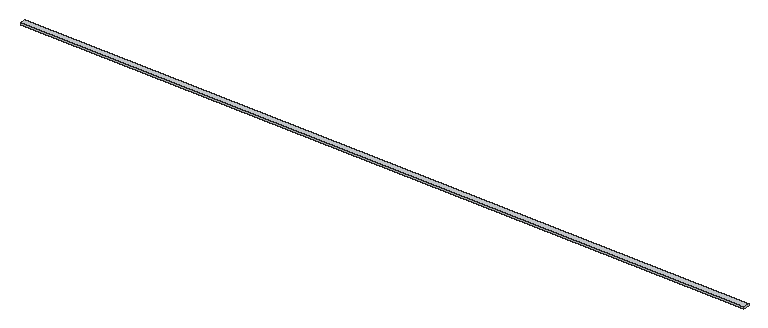
Revit family "Lighting-Strip-Acclaim-Flex Eco Interior", category Lighting Fixtures, host Face, Revit 2015
Parameters
  Width = 0.40"
  Wattage = 9.2903 W
  built-in parameter 1150110 = 1 (stored number, unit not read)
  Voltage = 0 V
  URL = "http://www.acclaimlighting.com/"
  built-in parameter 1114217 = 1 (stored number, unit not read)
  Tilt Angle = -90.00°
  built-in parameter 1150109 = 1 (stored number, unit not read)
  built-in parameter 1150134 = 3
  built-in parameter 1150113 = 1 (stored number, unit not read)
  Power Factor = 1
  Photometric Web File = "generic"
  Number of Poles = 1
  built-in parameter 1150142 = (empty or 0)
  Model = "Flex Eco Interior"
  Manufacturer = "Acclaim Lighting"
  built-in parameter 1150105 = 109.82 (stored number, unit not read)
  Lumens = 1380 lm
  built-in parameter 1150115 = 1 (stored number, unit not read)
  built-in parameter 1150137 = (empty or 0)
  built-in parameter 1150139 = (empty or 0)
  Length [instance] = 48.00"
  built-in parameter 1150112 = 1 (stored number, unit not read)
  built-in parameter 1150114 = 1 (stored number, unit not read)
  Lamp = "LED"
  built-in parameter 1150132 = (empty or 0)
  built-in parameter 1150102 = (empty or 0)
  built-in parameter 1150107 = 3200 (stored number, unit not read)
  built-in parameter 1150138 = (empty or 0)
  built-in parameter 1150106 = 1.0982 (stored number, unit not read)
  Housing Finish = Aluminum
  Height = 0.12"
  Emit from Line Length = 48.00"
  built-in parameter 1150104 = 13.8 (stored number, unit not read)
  Dimming Lamp Color Temperature Shift = <None>
  Description = "LED Strip"
  Default Elevation = 48.00"
  Color Filter = 16777215
  built-in parameter 1114218 = 1 (stored number, unit not read)
  built-in parameter 1150133 = 10 (stored number, unit not read)
  Apparent Load = 0 VA
Reference planes (in)
  plane 1 "Center (Front/Back)": y = 0
  plane 2: z = 0
  plane 3 "Center (Left/Right)": x = 0
  plane 4: x = -24
  plane 5: x = 24
  plane 6: y = 0.2
  plane 7: z = 6.9048
  plane 8: y = -0.2
  plane 9: z = 0.12
Forms (in)
  Extrusion 1, solid
    sketch origin (0, 0, 0) x (1, 0, 0) y (0, 1, 0)
      loop
        line (-24, 0.2) -> (-24, -0.2) -> (24, -0.2) -> (24, 0.2) -> (-24, 0.2)
    from 0 to 0.12
Dimensions and locks (in)
  equal spacing: plane 4, plane 3 "Center (Left/Right)", plane 5
  equal spacing: plane 5, plane 3 "Center (Left/Right)", plane 4
  plane 5 to plane 4 = 48.00"
  "Length": plane 4 to plane 5
  equal spacing: plane 8, plane 1 "Center (Front/Back)", plane 6
  "Width": plane 8 to plane 6
  Extrusion 1 to Extrusion 1 = 0.40"
  "Height": plane 9 to host face
  aligned and locked: plane 2 to host face
  aligned and locked: level to host face
  aligned and locked: Extrusion 1 sketch curve to plane 5
  aligned and locked: plane 4 to Extrusion 1 sketch curve
  aligned and locked: plane 6 to Extrusion 1 sketch curve
  aligned and locked: plane 8 to Extrusion 1 sketch curve
  aligned and locked: plane 1 "Center (Front/Back)" to imposter light
  aligned and locked: plane 9 to Extrusion 1
Automatic sketch dimensions
  host sketch curve to host sketch curve = 96.00"  (x2)
